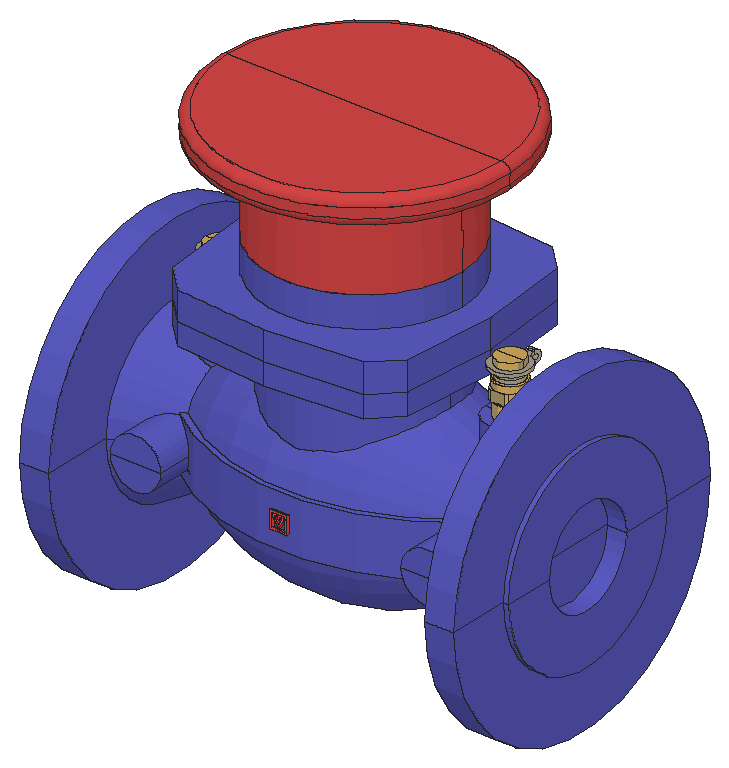
Revit family "HERZ Strömax Балансировочный клапан с измерительными клапанами, шпиндель прямой 4218 GF", category Rohrzubehör, Revit 2020
Family settings
  Bemaßung runder Anschluss = Durchmesser verwenden
  Teiletyp = Unterbricht
  OmniClass-Nummer = 23.65.55.14
  OmniClass-Titel = Valves for Liquid Services
  Arbeitsebenenbasiert = Nein
  Immer vertikal = Ja
  Beim Laden mit Abzugskörper schneiden = Nein
  Gemeinsam genutzt = Nein
Parameters
  Среда = "Допускается использование этилен- и пропиленгликоля в концентрации смеси 25-50% объема.\r\nКачество теплоносителя согласно ÖNORM H 5195 и VDI 2035."
  Область применения = "Для гидравлической балансировки в системах отопления или охлаждения, регулирования и перекрытия трубопроводов, стояков, теплообменников, тепловых и холодильных регистров."
  Номер заказа [instance] = size_lookup("4218_GF_", "Artnr", 0, Nennweite)  # 1421880
  Мин. рабочая температура = -10 °C  # constant formula
  Макс. рабочее давление = 1600000.0 Pa  # constant formula
  Макс. рабочая температура = 110 °C  # constant formula
  Корпус = "чугун GJL 250 по EN 1561"  # constant formula
  Исполнение = "Балансировочный клапан STRÖMAX-GF с измерительными клапанами DN 50 - 300:\r\nПрямой шпиндель, корпус из серого чугуна GJL 250 по EN 1561, фланец согласно EN 1092, PN 16, окрашен в синий цвет.\r\nБукса из серого чугуна GJL 250, с неподнимающимся шпинделем, уплотнение шпинделя с помощью тройного кольцевого уплотнения Цифровой указатель ступеней предварительной настройки."
  Измерение перепада давления = "Балансировочный клапан Strömax GF оборудован двумя измерительными клапанами:\r\nпри использовании соответствующего измерительного прибора можно измерить перепад давления и благодаря этому можно соответственно определить расход в зависимости от степени настройки.\r\nКроме того, с HERZ измерительного компьютера можно непосредственно считывать показания расхода (см. инструкцию).\r\nПри использовании этиленгликоля, как средства от замерзания, меняется плотность теплоносителя, которую обязательно необходимо учитывать при измерениях перепада давления."
  Букса = "чугун GJL 250 по EN 1561"  # constant formula
  kvs-значения [instance] = if(Nennweite = 50.00 mm, 34.96, if(Nennweite = 65.00 mm, 66.94, if(Nennweite = 80.00 mm, 106.78, if(Nennweite = 100.00 mm, 169.45, if(Nennweite = 125.00 mm, 255.79, if(Nennweite = 150.00 mm, 389.54, if(Nennweite = 200.00 mm, 676.33, if(Nennweite = 250.00 mm, 1082.72, if(Nennweite = 300.00 mm, 1784.91, 0)))))))))  # 34.96
  Счетное устройство = "пластмасса"  # constant formula
  W02 = 60.00°  # constant formula
  W01 = 85.00°  # constant formula
  Кегель клапана = "чугун GJL 250 по EN 1561/ EPDM с покрытием"  # constant formula
  Vorgabe-Ansicht = 0.00 mm
  S01 [instance] = Nennweite + 10.00 mm  # 60.00 mm
  Регулировочный шпиндель = "латунь / нержавеющая сталь"  # constant formula
  Шпиндель (DN50 - DN100) = "латунь"  # constant formula
  O-Ring = "EPDM"  # constant formula
  URL = "www.herz-armaturen.ru"
  SCRNSEQ = "ARM;ARM_TYP=\"STRV\";2"
  SCRNCODE = "05;07;02"  # constant formula
  R02 [instance] = size_lookup("4218_GF_", "R2", 1.00 mm, Nennweite)  # 12.50 mm
  R01 [instance] = size_lookup("4218_GF_", "R1", 1.00 mm, Nennweite)  # 13.00 mm
  Шпиндель (DN125 - DN300) = "нержавеющая сталь"  # constant formula
  Nennweite [instance] = 50.00 mm
  L04 [instance] = size_lookup("4218_GF_", "L4", 1.00 mm, Nennweite)  # 75.00 mm
  L03 [instance] = if(Nennweite = 50.00 mm, 48.00 mm, if(Nennweite = 65.00 mm, 52.00 mm, if(Nennweite = 80.00 mm, 60.00 mm, if(Nennweite = 100.00 mm, 75.00 mm, 15.00 mm))))  # 48.00 mm
  L02 [instance] = size_lookup("4218_GF_", "L2", 1.00 mm, Nennweite)  # 75.00 mm
  L01 [instance] = size_lookup("4218_GF_", "L1", 1.00 mm, Nennweite)  # 70.00 mm
  L00 [instance] = size_lookup("4218_GF_", "L", 1.00 mm, Nennweite)  # 230.00 mm
  Hersteller = "HERZ Armaturen Ges.m.b.H."  # constant formula
  H09 [instance] = H08 + H02  # 109.00 mm
  H08 [instance] = size_lookup("4218_GF_", "H8", 1.00 mm, Nennweite)  # 31.00 mm
  H07 [instance] = H02 + H06  # 93.00 mm
  H06 [instance] = size_lookup("4218_GF_", "H6", 1.00 mm, Nennweite)  # 15.00 mm
  H05 [instance] = size_lookup("4218_GF_", "H5", 1.00 mm, Nennweite)  # 51.50 mm
  H04 [instance] = H02 - H03  # 67.00 mm
  H03 [instance] = size_lookup("4218_GF_", "H3", 1.00 mm, Nennweite)  # 11.00 mm
  H02 [instance] = size_lookup("4218_GF_", "H2", 1.00 mm, Nennweite)  # 78.00 mm
  H01 [instance] = size_lookup("4218_GF_", "H1", 1.00 mm, Nennweite)  # 54.00 mm
  GT = 10.00 mm  # constant formula
  FLL02 [instance] = size_lookup("4218_GF_", "FLL2", 1.00 mm, Nennweite)  # 15.00 mm
  FLL01 [instance] = size_lookup("4218_GF_", "FLL1", 1.00 mm, Nennweite)  # 3.00 mm
  FLD03 [instance] = size_lookup("4218_GF_", "FLD3", 1.00 mm, Nennweite)  # 30.20 mm
  FLD02 [instance] = size_lookup("4218_GF_", "FLD2", 1.00 mm, Nennweite)  # 46.00 mm
  FLD01 [instance] = size_lookup("4218_GF_", "FLD1", 1.00 mm, Nennweite)  # 51.00 mm
  FLD00 [instance] = size_lookup("4218_GF_", "FLD", 1.00 mm, Nennweite)  # 82.50 mm
  DN80-DN100 [instance] = or(Nennweite = 80.00 mm, Nennweite = 100.00 mm)  # no
  DN80 [instance] = Nennweite = 80.00 mm  # no
  DN65 [instance] = Nennweite = 65.00 mm  # no
  DN50-DN65 [instance] = or(Nennweite = 50.00 mm, Nennweite = 65.00 mm)  # yes
  DN50-DN100 [instance] = or(Nennweite = 50.00 mm, Nennweite = 65.00 mm, Nennweite = 80.00 mm, Nennweite = 100.00 mm)  # yes
  DN50 [instance] = Nennweite = 50.00 mm  # yes
  DN300 [instance] = Nennweite = 300.00 mm  # no
  DN250 [instance] = Nennweite = 250.00 mm  # no
  DN200-DN300 [instance] = or(Nennweite = 200.00 mm, Nennweite = 250.00 mm, Nennweite = 300.00 mm)  # no
  DN200 [instance] = Nennweite = 200.00 mm  # no
  DN150 [instance] = Nennweite = 150.00 mm  # no
  DN125-DN300 [instance] = or(Nennweite = 125.00 mm, Nennweite = 150.00 mm, Nennweite = 200.00 mm, Nennweite = 250.00 mm, Nennweite = 300.00 mm)  # no
  DN125-DN150 [instance] = or(Nennweite = 125.00 mm, Nennweite = 150.00 mm)  # no
  DN125 [instance] = Nennweite = 125.00 mm  # no
  DN100 [instance] = Nennweite = 100.00 mm  # no
  D03 [instance] = size_lookup("4218_GF_", "D3", 1.00 mm, Nennweite)  # 50.50 mm
  D02 [instance] = size_lookup("4218_GF_", "D2", 1.00 mm, Nennweite)  # 65.00 mm
  D01 [instance] = size_lookup("4218_GF_", "D1", 1.00 mm, Nennweite)  # 44.50 mm
  D00 [instance] = size_lookup("4218_GF_", "D", 1.00 mm, Nennweite)  # 54.00 mm
  BH02 [instance] = -BH01  # -13.50 mm
  BH01 [instance] = size_lookup("4218_GF_", "BH1", 1.00 mm, Nennweite)  # 13.50 mm
  Anschluss [instance] = Nennweite / 2  # 25.00 mm
Reference planes
  plane 1 "Mitte (Vorne/hinten)": y = 0
  plane 2: z = 0
  plane 3 "Mitte (Links/rechts)": x = 0
Forms (mm)
  Revolve 1, solid, material "Herz-Marineblau", detail levels fine
    sketch origin (1058.943, 0, 0) x (1, 0, 0) y (0, 1, 0)
      loop
        line (-1170.943, 82.5) -> (-1170.943, 51) -> (-1173.943, 51) -> (-1173.943, 25) -> (-1163.943, 25) -> (-1163.943, 0) -> (-953.943, 0) -> (-953.943, 25) -> (-943.943, 25) -> (-943.943, 51) -> (-946.943, 51) -> (-946.943, 82.5) -> (-961.943, 82.5) -> (-961.943, 46) -> (-988.943, 30.2)
        arc (-988.943, 30.2) -> (-1058.943, 54) -> (-1128.943, 30.2) r 114.841
        line (-1128.943, 30.2) -> (-1155.943, 46) -> (-1155.943, 82.5) -> (-1170.943, 82.5)
      axis (-1173.943, 0) -> (-943.943, 0)
    angle from 0 to 360
  Revolve 2, solid, material "Herz-Marineblau", detail levels fine
    sketch origin (0, 0, 0) x (1, 0, 0) y (0, 1, 0)
      loop
        line (-75, 54) -> (-88, 54) -> (-88, -54) -> (-75, -54) -> (-75, 54)
      axis (-75, 54) -> (-75, -54)
    angle from 0 to 360
  Revolve 3, solid, material "Herz-Marineblau", detail levels fine
    sketch origin (0, 0, 0) x (-1, 0, 0) y (0, 1, 0)
      loop
        line (-75, 54) -> (-88, 54) -> (-88, -54) -> (-75, -54) -> (-75, 54)
      axis (-75, 54) -> (-75, -54)
    angle from 0 to 360
  Revolve 4, solid, material "Herz-Marineblau", visible <- "DN125-DN300", detail levels fine
    sketch origin (0, 0, 0) x (1, 0, 0) y (0, 0, 1)
      loop
        line (0, 0) -> (0, 78) -> (-65, 78) -> (-65, 67) -> (-44.5, 67) -> (-44.5, 0) -> (0, 0)
      axis (0, 78) -> (0, 0)
    angle from 0 to 360
  Revolve 5, solid, material "Herz-Marineblau", visible <- "DN50-DN100", detail levels fine
    sketch origin (0, 0, 0) x (1, 0, 0) y (0, 0, 1)
      loop
        line (0, 0) -> (0, 67) -> (-44.5, 67) -> (-44.5, 0) -> (0, 0)
      axis (0, 67) -> (0, 0)
    angle from 0 to 360
  Extrusion 6, solid, material "Herz-Marineblau", visible <- "DN50-DN100", detail levels fine
    sketch origin (0, 0, 0) x (1, 0, 0) y (0, 1, 0)
      loop
        line (0, 65) -> (-48, 60.801) -> (-60.801, 48) -> (-65, 0) -> (-60.801, -48) -> (-48, -60.801) -> (0, -65) -> (48, -60.801) -> (60.801, -48) -> (65, 0) -> (60.801, 48) -> (48, 60.801) -> (0, 65)
    from 67 <- "H04" to 78 <- "H02"
  Revolve 7, solid, material "Herz-Marineblau", detail levels fine
    sketch origin (0, 0, 0) x (1, 0, 0) y (0, 0, 1)
      loop
        line (-75, 0) -> (-75, 51.5) -> (-87.5, 51.5) -> (-87.5, 0) -> (-75, 0)
      axis (-75, 51.5) -> (-75, 0)
    angle from 0 to 360
  Revolve 8, solid, material "Herz-Marineblau", detail levels fine
    sketch origin (0, 0, 0) x (-1, 0, 0) y (0, 0, 1)
      loop
        line (-75, 0) -> (-75, 51.5) -> (-87.5, 51.5) -> (-87.5, 0) -> (-75, 0)
      axis (-75, 51.5) -> (-75, 0)
    angle from 0 to 360
  Extrusion 9, solid, material "Herz-Marineblau", visible <- "DN50", detail levels fine
    sketch origin (0, 0, 0) x (1, 0, 0) y (0, 1, 0)
      loop
        line (-75, 27.444) -> (-75, -27.444)
        arc (-75, -27.444) -> (0, -55) -> (75, -27.444) r 115.842
        line (75, -27.444) -> (75, 27.444)
        arc (75, 27.444) -> (0, 55) -> (-75, 27.444) r 115.842
    from -13.5 <- "BH02" to 13.5 <- "BH01"
  Extrusion 10, solid, material "Herz-Marineblau", visible <- "DN65", detail levels fine
    sketch origin (0, 0, 0) x (1, 0, 0) y (0, 1, 0)
      loop
        arc (-89, -45.667) -> (0, -68.022) -> (89, -45.667) r 188.34
        line (89, -45.667) -> (89, 45.667)
        arc (89, 45.667) -> (0, 68.022) -> (-89, 45.667) r 188.34
        line (-89, 45.667) -> (-89, -45.667)
    from -13.5 <- "BH02" to 13.5 <- "BH01"
  Extrusion 11, solid, material "Herz-Marineblau", visible <- "DN80", detail levels fine
    sketch origin (0, 0, 0) x (1, 0, 0) y (0, 1, 0)
      loop
        arc (-100, -48.604) -> (0, -75.01) -> (100, -48.604) r 202.557
        line (100, -48.604) -> (100, 48.604)
        arc (100, 48.604) -> (0, 75.01) -> (-100, 48.604) r 202.557
        line (-100, 48.604) -> (-100, -48.604)
    from -13.5 <- "BH02" to 13.5 <- "BH01"
  Extrusion 12, solid, material "Herz-Marineblau", visible <- "DN100", detail levels fine
    sketch origin (0, 0, 0) x (1, 0, 0) y (0, 1, 0)
      loop
        arc (-118, -60.889) -> (0, -83.721) -> (118, -60.889) r 316.34
        line (118, -60.889) -> (118, 60.889)
        arc (118, 60.889) -> (0, 83.721) -> (-118, 60.889) r 316.34
        line (-118, 60.889) -> (-118, -60.889)
    from -13.5 <- "BH02" to 13.5 <- "BH01"
  Extrusion 13, solid, material "Herz-Marineblau", visible <- "DN125", detail levels fine
    sketch origin (0, 0, 0) x (1, 0, 0) y (0, 1, 0)
      loop
        arc (-140, -75.261) -> (0, -118.541) -> (140, -75.261) r 248.073
        line (140, -75.261) -> (140, 75.261)
        arc (140, 75.261) -> (0, 118.541) -> (-140, 75.261) r 248.073
        line (-140, 75.261) -> (-140, -75.261)
    from -13.5 <- "BH02" to 13.5 <- "BH01"
  Extrusion 14, solid, material "Herz-Marineblau", visible <- "DN150", detail levels fine
    sketch origin (0, 0, 0) x (1, 0, 0) y (0, 1, 0)
      loop
        arc (-170, -94.727) -> (0, -138.5) -> (170, -94.727) r 352.003
        line (170, -94.727) -> (170, 94.727)
        arc (170, 94.727) -> (0, 138.5) -> (-170, 94.727) r 352.003
        line (-170, 94.727) -> (-170, -94.727)
    from -13.5 <- "BH02" to 13.5 <- "BH01"
  Extrusion 15, solid, material "Herz-Marineblau", visible <- "DN200", detail levels fine
    sketch origin (0, 0, 0) x (1, 0, 0) y (0, 1, 0)
      loop
        arc (-200, -127.319) -> (0, -163.032) -> (200, -127.319) r 577.879
        line (200, -127.319) -> (200, 127.319)
        arc (200, 127.319) -> (0, 163.032) -> (-200, 127.319) r 577.879
        line (-200, 127.319) -> (-200, -127.319)
    from -13.5 <- "BH02" to 13.5 <- "BH01"
  Extrusion 16, solid, material "Herz-Marineblau", visible <- "DN250", detail levels fine
    sketch origin (0, 0, 0) x (1, 0, 0) y (0, 1, 0)
      loop
        arc (-250, -153.89) -> (0, -191.531) -> (250, -153.89) r 849.033
        line (250, -153.89) -> (250, 153.89)
        arc (250, 153.89) -> (0, 191.531) -> (-250, 153.89) r 849.033
        line (-250, 153.89) -> (-250, -153.89)
    from -13.5 <- "BH02" to 13.5 <- "BH01"
  Extrusion 17, solid, material "Herz-Marineblau", visible <- "DN300", detail levels fine
    sketch origin (0, 0, 0) x (1, 0, 0) y (0, 1, 0)
      loop
        arc (-300, -192.377) -> (0, -268.099) -> (300, -192.377) r 632.133
        line (300, -192.377) -> (300, 192.377)
        arc (300, 192.377) -> (0, 268.099) -> (-300, 192.377) r 632.133
        line (-300, 192.377) -> (-300, -192.377)
    from -13.5 <- "BH02" to 13.5 <- "BH01"
  Extrusion 18, solid, material "Herz-Marineblau", visible <- "DN50-DN100", detail levels fine
    sketch origin (0, 0, 0) x (1, 0, 0) y (0, 1, 0)
      loop
        line (0, 65) -> (-48, 60.801) -> (-60.801, 48) -> (-65, 0) -> (-60.801, -48) -> (-48, -60.801) -> (0, -65) -> (48, -60.801) -> (60.801, -48) -> (65, 0) -> (60.801, 48) -> (48, 60.801) -> (0, 65)
    from 78 <- "H02" to 93 <- "H07"
  Revolve 19, solid, material "Herz-Marineblau", visible <- "DN125-DN300", detail levels fine
    sketch origin (0, 0, 0) x (1, 0, 0) y (0, 0, 1)
      loop
        line (0, 78) -> (0, 109) -> (-50.5, 109) -> (-50.5, 93) -> (-65, 93) -> (-65, 78) -> (0, 78)
      axis (0, 109) -> (0, 78)
    angle from 0 to 360
  Revolve 20, solid, material "Herz-Marineblau", visible <- "DN50-DN100", detail levels fine
    sketch origin (0, 0, 0) x (1, 0, 0) y (0, 0, 1)
      loop
        line (0, 93) -> (0, 109) -> (-50.5, 109) -> (-50.5, 93) -> (0, 93)
      axis (0, 109) -> (0, 93)
    angle from 0 to 360
Lines and regions (mm)
  model lines, detail levels coarse+medium
    curve 1: line (-115, 0, 82.5) -> (-115, 0, -82.5)
    curve 2: line (-115, 0, -82.5) -> (115, 0, 82.5)
    curve 3: line (115, 0, 82.5) -> (115, 0, -82.5)
    curve 4: line (115, 0, -82.5) -> (-115, 0, 82.5)
    curve 5: line (0, 0, 0) -> (62.931, 0, 109)
    curve 6: line (36.95, 0, 124) -> (88.912, 0, 94)
    curve 7: line (-115, 82.5, 0) -> (-115, -82.5, 0)
    curve 8: line (-115, -82.5, 0) -> (115, 82.5, 0)
    curve 9: line (115, 82.5, 0) -> (115, -82.5, 0)
    curve 10: line (115, -82.5, 0) -> (-115, 82.5, 0)
    curve 11: line (0, 0, 0) -> (62.931, 109, 0)
    curve 12: line (36.95, 124, 0) -> (88.912, 94, 0)
Dimensions and locks
  "FLD00": plane 1 "Mitte (Vorne/hinten)" to Revolve 1 sketch curve
  "FLD01": plane 1 "Mitte (Vorne/hinten)" to Revolve 1 sketch curve
  "FLD02": plane 1 "Mitte (Vorne/hinten)" to Revolve 1 sketch curve  (x2)
  "FLD03": plane 1 "Mitte (Vorne/hinten)" to Revolve 1 sketch curve  (x2)
  "GT": Revolve 1 sketch curve to Revolve 1 sketch curve  (x2)
  "FLL01": Revolve 1 sketch curve to Revolve 1 sketch curve  (x2)
  "FLL02": Revolve 1 sketch curve to Revolve 1 sketch curve  (x2)
  equal spacing: Revolve 1 sketch curve, plane 3 "Mitte (Links/rechts)", Revolve 1 sketch curve
  "Anschluss": Revolve 1 sketch curve to plane 1 "Mitte (Vorne/hinten)"
  "Anschluss": plane 1 "Mitte (Vorne/hinten)" to Revolve 1 sketch curve
  "FLD01": Revolve 1 sketch curve to plane 1 "Mitte (Vorne/hinten)"
  "FLD00": Revolve 1 sketch curve to plane 1 "Mitte (Vorne/hinten)"
  "L00": Revolve 1 sketch curve to Revolve 1 sketch curve
  "D00": plane 1 "Mitte (Vorne/hinten)" to Revolve 1 sketch curve
  "L01": Revolve 1 sketch curve to plane 3 "Mitte (Links/rechts)" to Revolve 1 sketch curve
  "L02": Revolve 2 sketch curve to plane 3 "Mitte (Links/rechts)"
  "R01": Revolve 2 sketch curve to Revolve 2 sketch curve
  "H01": Revolve 2 sketch curve to plane 1 "Mitte (Vorne/hinten)" to Revolve 2 sketch curve
  "L02": plane 3 "Mitte (Links/rechts)" to Revolve 3 sketch curve
  "R01": Revolve 3 sketch curve to Revolve 3 sketch curve
  "H01": Revolve 3 sketch curve to plane 1 "Mitte (Vorne/hinten)" to Revolve 3 sketch curve
  "H02": Revolve 4 sketch curve to plane 2
  "D01": Revolve 4 sketch curve to Revolve 4 sketch curve
  "D02": Revolve 4 sketch curve to Revolve 4 sketch curve
  "H03": Revolve 4 sketch curve to Revolve 4 sketch curve
  "H04": Revolve 5 sketch curve to plane 2
  "D01": Revolve 5 sketch curve to Revolve 5 sketch curve
  "D02": Extrusion 6 sketch curve to plane 3 "Mitte (Links/rechts)" to Extrusion 6 sketch curve
  "D02": Extrusion 6 sketch curve to plane 1 "Mitte (Vorne/hinten)" to Extrusion 6 sketch curve
  "L03": Extrusion 6 sketch curve to plane 3 "Mitte (Links/rechts)"  (x2)
  "L03": plane 3 "Mitte (Links/rechts)" to Extrusion 6 sketch curve  (x2)
  "L03": plane 1 "Mitte (Vorne/hinten)" to Extrusion 6 sketch curve  (x2)
  "L03": Extrusion 6 sketch curve to plane 1 "Mitte (Vorne/hinten)"  (x2)
  "L04": plane 3 "Mitte (Links/rechts)" to Revolve 7 sketch curve
  "R02": Revolve 7 sketch curve to Revolve 7 sketch curve
  "H05": Revolve 7 sketch curve to plane 2
  "R02": Revolve 8 sketch curve to Revolve 8 sketch curve
  "L04": Revolve 8 sketch curve to plane 3 "Mitte (Links/rechts)"
  "H05": Revolve 8 sketch curve to plane 2
  "L04": plane 3 "Mitte (Links/rechts)" to nested 1
  "L04": nested 2 to plane 3 "Mitte (Links/rechts)"
  "H05": nested 1 to plane 2
  "H05": nested 2 to plane 2
  "L03": Extrusion 18 sketch curve to plane 3 "Mitte (Links/rechts)"  (x2)
  "L03": plane 3 "Mitte (Links/rechts)" to Extrusion 18 sketch curve  (x2)
  "L03": plane 1 "Mitte (Vorne/hinten)" to Extrusion 18 sketch curve  (x2)
  "L03": Extrusion 18 sketch curve to plane 1 "Mitte (Vorne/hinten)"  (x2)
  "D02": Extrusion 18 sketch curve to plane 3 "Mitte (Links/rechts)" to Extrusion 18 sketch curve
  "D02": Extrusion 18 sketch curve to plane 1 "Mitte (Vorne/hinten)" to Extrusion 18 sketch curve
  "H02": Revolve 19 sketch curve to plane 2
  "H06": Revolve 19 sketch curve to Revolve 19 sketch curve
  "H08": Revolve 19 sketch curve to Revolve 19 sketch curve
  "D03": Revolve 19 sketch curve to Revolve 19 sketch curve
  "D02": Revolve 19 sketch curve to Revolve 19 sketch curve
  "D03": Revolve 20 sketch curve to Revolve 20 sketch curve
  "H07": Revolve 20 sketch curve to plane 2
  "H08": Revolve 20 sketch curve to Extrusion 18
  "H09": nested 12 to plane 2
  "H09": nested 13 to plane 2
  "H09": nested 14 to plane 2
  "H09": nested 15 to plane 2
  "FLD00": curve 4 to plane 2 to curve 2
  "FLD00": curve 3 to plane 2 to curve 4
  equal spacing: curve 1, plane 3 "Mitte (Links/rechts)", curve 3
  "L00": curve 1 to curve 3
  "H09": curve 5 to plane 2
  equal spacing: curve 1, curve 5, curve 3
  equal spacing: curve 6, curve 5, curve 6
  "S01": curve 6 to curve 6
  "FLD00": curve 8 to plane 1 "Mitte (Vorne/hinten)" to curve 10
  "FLD00": curve 10 to plane 1 "Mitte (Vorne/hinten)" to curve 9
  equal spacing: curve 7, plane 3 "Mitte (Links/rechts)", curve 9
  "L00": curve 7 to curve 9
  equal spacing: curve 7, curve 11, curve 9
  "H09": plane 1 "Mitte (Vorne/hinten)" to curve 11
  equal spacing: curve 12, curve 11, curve 12
  "S01": curve 12 to curve 12
  "W01": angle Extrusion 6 sketch curve to plane 3 "Mitte (Links/rechts)"  (x2)
  "W01": angle plane 3 "Mitte (Links/rechts)" to Extrusion 6 sketch curve  (x2)
  "W01": angle Extrusion 6 sketch curve to plane 1 "Mitte (Vorne/hinten)"  (x2)
  "W01": angle plane 1 "Mitte (Vorne/hinten)" to Extrusion 6 sketch curve  (x2)
  "W01": angle plane 1 "Mitte (Vorne/hinten)" to Extrusion 18 sketch curve  (x2)
  "W01": angle Extrusion 18 sketch curve to plane 1 "Mitte (Vorne/hinten)"  (x2)
  "W01": angle Extrusion 18 sketch curve to plane 3 "Mitte (Links/rechts)"  (x2)
  "W01": angle plane 3 "Mitte (Links/rechts)" to Extrusion 18 sketch curve  (x2)
  "W02": angle plane 2 to curve 5
  "W02": angle plane 1 "Mitte (Vorne/hinten)" to curve 11
  aligned and locked: level to plane 2
Automatic sketch dimensions
  Extrusion 9 sketch curve to plane 3 "Mitte (Links/rechts)" = 0.00 mm  (x2)
  Extrusion 9 sketch curve to plane 1 "Mitte (Vorne/hinten)" = 27.444 mm  (x2)
  Extrusion 9 sketch curve to plane 3 "Mitte (Links/rechts)" = 75.00 mm
  plane 1 "Mitte (Vorne/hinten)" to Extrusion 9 sketch curve = 60.843 mm
  Extrusion 9 sketch curve to plane 1 "Mitte (Vorne/hinten)" = 60.843 mm
  plane 1 "Mitte (Vorne/hinten)" to Extrusion 9 sketch curve = 27.444 mm
  Extrusion 10 sketch curve to plane 3 "Mitte (Links/rechts)" = 0.00 mm  (x2)
  plane 1 "Mitte (Vorne/hinten)" to Extrusion 10 sketch curve = 45.667 mm
  Extrusion 10 sketch curve to plane 3 "Mitte (Links/rechts)" = 89.00 mm
  Extrusion 10 sketch curve to Extrusion 10 sketch curve = 74.651 mm
  Extrusion 10 sketch curve to plane 1 "Mitte (Vorne/hinten)" = 120.318 mm
  Extrusion 10 sketch curve to plane 1 "Mitte (Vorne/hinten)" = 45.667 mm  (x2)
  Extrusion 11 sketch curve to plane 3 "Mitte (Links/rechts)" = 0.00 mm  (x2)
  plane 1 "Mitte (Vorne/hinten)" to Extrusion 11 sketch curve = 48.604 mm  (x2)
  Extrusion 11 sketch curve to plane 3 "Mitte (Links/rechts)" = 100.00 mm
  Extrusion 11 sketch curve to Extrusion 11 sketch curve = 78.943 mm
  Extrusion 11 sketch curve to plane 1 "Mitte (Vorne/hinten)" = 127.547 mm
  Extrusion 11 sketch curve to plane 1 "Mitte (Vorne/hinten)" = 48.604 mm
  Extrusion 12 sketch curve to plane 3 "Mitte (Links/rechts)" = 0.00 mm  (x2)
  Extrusion 12 sketch curve to plane 1 "Mitte (Vorne/hinten)" = 60.889 mm  (x2)
  Extrusion 12 sketch curve to plane 3 "Mitte (Links/rechts)" = 118.00 mm
  plane 1 "Mitte (Vorne/hinten)" to Extrusion 12 sketch curve = 232.619 mm
  Extrusion 12 sketch curve to Extrusion 12 sketch curve = 171.731 mm
  plane 1 "Mitte (Vorne/hinten)" to Extrusion 12 sketch curve = 60.889 mm
  Extrusion 13 sketch curve to plane 3 "Mitte (Links/rechts)" = 0.00 mm  (x2)
  Extrusion 13 sketch curve to plane 1 "Mitte (Vorne/hinten)" = 75.261 mm  (x2)
  Extrusion 13 sketch curve to plane 3 "Mitte (Links/rechts)" = 140.00 mm
  plane 1 "Mitte (Vorne/hinten)" to Extrusion 13 sketch curve = 129.532 mm
  Extrusion 13 sketch curve to plane 1 "Mitte (Vorne/hinten)" = 129.532 mm
  plane 1 "Mitte (Vorne/hinten)" to Extrusion 13 sketch curve = 75.261 mm
  Extrusion 14 sketch curve to plane 3 "Mitte (Links/rechts)" = 0.00 mm  (x2)
  plane 1 "Mitte (Vorne/hinten)" to Extrusion 14 sketch curve = 94.727 mm  (x2)
  Extrusion 14 sketch curve to plane 3 "Mitte (Links/rechts)" = 170.00 mm
  Extrusion 14 sketch curve to Extrusion 14 sketch curve = 118.776 mm
  Extrusion 14 sketch curve to plane 1 "Mitte (Vorne/hinten)" = 213.503 mm
  Extrusion 14 sketch curve to plane 1 "Mitte (Vorne/hinten)" = 94.727 mm
  Extrusion 15 sketch curve to plane 3 "Mitte (Links/rechts)" = 0.00 mm  (x2)
  Extrusion 15 sketch curve to plane 1 "Mitte (Vorne/hinten)" = 127.319 mm  (x2)
  Extrusion 15 sketch curve to plane 3 "Mitte (Links/rechts)" = 200.00 mm
  plane 1 "Mitte (Vorne/hinten)" to Extrusion 15 sketch curve = 414.847 mm
  Extrusion 15 sketch curve to Extrusion 15 sketch curve = 287.528 mm
  plane 1 "Mitte (Vorne/hinten)" to Extrusion 15 sketch curve = 127.319 mm
  Extrusion 16 sketch curve to plane 3 "Mitte (Links/rechts)" = 0.00 mm  (x2)
  Extrusion 16 sketch curve to plane 1 "Mitte (Vorne/hinten)" = 153.89 mm  (x2)
  Extrusion 16 sketch curve to plane 3 "Mitte (Links/rechts)" = 250.00 mm
  plane 1 "Mitte (Vorne/hinten)" to Extrusion 16 sketch curve = 657.503 mm
  Extrusion 16 sketch curve to Extrusion 16 sketch curve = 503.613 mm
  plane 1 "Mitte (Vorne/hinten)" to Extrusion 16 sketch curve = 153.89 mm
  Extrusion 17 sketch curve to plane 3 "Mitte (Links/rechts)" = 0.00 mm  (x2)
  Extrusion 17 sketch curve to plane 1 "Mitte (Vorne/hinten)" = 192.377 mm  (x2)
  Extrusion 17 sketch curve to plane 3 "Mitte (Links/rechts)" = 300.00 mm
  plane 1 "Mitte (Vorne/hinten)" to Extrusion 17 sketch curve = 364.034 mm
  Extrusion 17 sketch curve to Extrusion 17 sketch curve = 171.657 mm
  plane 1 "Mitte (Vorne/hinten)" to Extrusion 17 sketch curve = 192.377 mm
  plane 1 "Mitte (Vorne/hinten)" to Revolve 1 sketch curve = 0.00 mm  (x2)
  Revolve 1 sketch curve to Revolve 1 sketch curve = 35.00 mm
  Revolve 1 sketch curve to Revolve 1 sketch curve = 30.00 mm
  Revolve 2 sketch curve to Revolve 2 sketch curve = 0.00 mm  (x3)
  Revolve 3 sketch curve to Revolve 3 sketch curve = 0.00 mm  (x3)
  Revolve 4 sketch curve to level = 0.00 mm
  Revolve 4 sketch curve to plane 3 "Mitte (Links/rechts)" = 0.00 mm  (x2)
  Revolve 4 sketch curve to Revolve 4 sketch curve = 366.045 mm
  Revolve 4 sketch curve to Revolve 4 sketch curve = 2169.315 mm
  Revolve 5 sketch curve to level = 0.00 mm
  Revolve 5 sketch curve to plane 3 "Mitte (Links/rechts)" = 0.00 mm  (x2)
  Revolve 5 sketch curve to Revolve 5 sketch curve = 366.045 mm
  Revolve 5 sketch curve to Revolve 5 sketch curve = 2147.315 mm
  Extrusion 6 sketch curve to plane 3 "Mitte (Links/rechts)" = 0.00 mm  (x2)
  plane 1 "Mitte (Vorne/hinten)" to Extrusion 6 sketch curve = 0.00 mm  (x2)
  Revolve 7 sketch curve to level = 0.00 mm  (x2)
  Revolve 7 sketch curve to Revolve 7 sketch curve = 0.00 mm  (x2)
  Revolve 8 sketch curve to level = 0.00 mm  (x2)
  Revolve 8 sketch curve to Revolve 8 sketch curve = 0.00 mm  (x2)
  Extrusion 18 sketch curve to plane 3 "Mitte (Links/rechts)" = 0.00 mm  (x2)
  plane 1 "Mitte (Vorne/hinten)" to Extrusion 18 sketch curve = 0.00 mm  (x2)
  Revolve 19 sketch curve to plane 3 "Mitte (Links/rechts)" = 0.00 mm  (x2)
  Revolve 19 sketch curve to level = 366.045 mm
  Revolve 19 sketch curve to Revolve 19 sketch curve = 2105.315 mm
  Revolve 20 sketch curve to plane 3 "Mitte (Links/rechts)" = 0.00 mm  (x2)
  Revolve 20 sketch curve to level = 366.045 mm
  Revolve 20 sketch curve to Revolve 20 sketch curve = 2105.315 mm
Nested families
  nested 1: "Messstutzen_Band_Eintritt_senkrecht_(oben)" at (-75, 0, 42.5), type "Messstutzen_Band_Eintritt_senkrecht_(oben)", detail levels fine
    with Schutzkappe yes, Nennweite 0.00 mm, Gewicht 0.00 kg, Bestellnummer 0
  nested 2: "Messstutzen_Band_Austritt_senkrecht_(oben)" at (75, 0, 42.5), type "Messstutzen_Band_Austritt_senkrecht_(oben)", detail levels fine
    with Schutzkappe yes, Nennweite 0.00 mm, Gewicht 0.00 kg, Bestellnummer 0
  nested 3: "Herz-Logo-vorne" at (0, -55, 0) x (0, 1, 0) z (0, 0, 1), visible <- "DN50", type "Herz-Logo-vorne", detail levels fine
  nested 4: "Herz-Logo-vorne" at (0, -68.004, 0) x (0, 1, 0) z (0, 0, 1), visible <- "DN65", type "Herz-Logo-vorne", detail levels fine
  nested 5: "Herz-Logo-vorne" at (0, -74.992, 0) x (0, 1, 0) z (0, 0, 1), visible <- "DN80", type "Herz-Logo-vorne", detail levels fine
  nested 6: "Herz-Logo-vorne" at (0, -83.721, 0) x (0, 1, 0) z (0, 0, 1), visible <- "DN100", type "Herz-Logo-vorne", detail levels fine
  nested 7: "Herz-Logo-vorne" at (0, -118.541, 0) x (0, 1, 0) z (0, 0, 1), visible <- "DN125", type "Herz-Logo-vorne", detail levels fine
  nested 8: "Herz-Logo-vorne" at (0, -138.5, 0) x (0, 1, 0) z (0, 0, 1), visible <- "DN150", type "Herz-Logo-vorne", detail levels fine
  nested 9: "Herz-Logo-vorne" at (0, -163.032, 0) x (0, 1, 0) z (0, 0, 1), visible <- "DN200", type "Herz-Logo-vorne", detail levels fine
  nested 10: "Herz-Logo-vorne" at (0, -191.513, 0) x (0, 1, 0) z (0, 0, 1), visible <- "DN250", type "Herz-Logo-vorne", detail levels fine
  nested 11: "Herz-Logo-vorne" at (0, -268.082, 0) x (0, 1, 0) z (0, 0, 1), visible <- "DN300", type "Herz-Logo-vorne", detail levels fine
  nested 12: "Strangregulierventil-Handrad_VOLL-Gerade (Rot) DN50-DN65" at (0, 0, 109), visible <- "DN50-DN65", type "Strangregulierventil-Handrad_VOLL-Gerade (Rot) DN50-DN65", detail levels fine
  nested 13: "Strangregulierventil-Handrad_VOLL-Gerade (Rot) DN80-DN100" at (0, 0, 109), visible <- "DN80-DN100", type "Strangregulierventil-Handrad_VOLL-Gerade (Rot) DN80-DN100", detail levels fine
  nested 14: "Strangregulierventil-Handrad_VOLL-Gerade (Rot) DN125-DN150" at (0, 0, 109), visible <- "DN125-DN150", type "Strangregulierventil-Handrad_VOLL-Gerade (Rot) DN125-DN150", detail levels fine
  nested 15: "Strangregulierventil-Handrad_VOLL-Gerade (Rot) DN200-DN300" at (0, 0, 109), visible <- "DN200-DN300", type "Strangregulierventil-Handrad_VOLL-Gerade (Rot) DN200-DN300", detail levels fine
    with DN300 yes
Connectors
  piping at (-115, 0, 0), diameter 50, driven by "Nennweite"
    settings: on Revolve 1, index 1, connector inside diameter 609.6 mm, connector length 0.00 mm, flow factor 0, pipe flow 0.0 L/s, pressure drop 0.0 Pa, fitting loss kfactor 0, connector angle 0.00°, fixture units 0, engagement length 0.00 mm, angle of deflection 0.00°, flow configuration 0, flow direction 1, fitting loss method 0, system type 29, joint type 0, gender type 0, connector reference index -1, connector utility 0, adjustable connector no, is connector primary yes, connector description ""
  piping at (115, 0, 0), diameter 50, driven by "Nennweite"
    settings: on Revolve 1, index 2, connector inside diameter 609.6 mm, connector length 0.00 mm, flow factor 0, pipe flow 0.0 L/s, pressure drop 0.0 Pa, fitting loss kfactor 0, connector angle 0.00°, fixture units 0, engagement length 0.00 mm, angle of deflection 0.00°, flow configuration 0, flow direction 2, fitting loss method 0, system type 29, joint type 0, gender type 0, connector reference index -1, connector utility 0, adjustable connector no, is connector primary no, connector description ""
Definition of nested family "Messstutzen_Band_Eintritt_senkrecht_(oben)"
  Parameters (values of type "Messstutzen_Band_Eintritt_senkrecht_(oben)")
    Default Elevation = 0.00 mm
    URL = "www.herz-armaturen.at"
    Schutzkappe [instance] = yes
    Nennweite [instance] = 0.00 mm
    Manufacturer = "Herz Armaturen GmbH"  # constant formula
    Gewicht [instance] = 0.00 kg
    Bestellnummer [instance] = 0
  Reference planes
    plane 1 "Mitte (Vorne/hinten)": y = 0
    plane 2: z = 0
    plane 3 "Mitte (Links/rechts)": x = 0
    plane 4 "Schlaufe 1": z = -27
    plane 5 "Schlaufe 2": z = -31.678
  Forms (mm)
    Revolve 1, solid, detail levels fine
      sketch origin (0, 0, 0) x (1, 0, 0) y (0, 0, 1)
        loop
          line (-7.4, 9) -> (-5.55, 9) -> (-5.55, 6)
          arc (-5.55, 6) -> (-5.626, 5.617) -> (-5.843, 5.293) r 1
          line (-5.843, 5.293) -> (-6.455, 4.681) -> (-6.455, 0.9) -> (-5.555, 0) -> (-2, 0) -> (-2, 17.5) -> (-8.4, 17.5)
          arc (-8.4, 17.5) -> (-7.693, 17.207) -> (-7.4, 16.5) r 1
          line (-7.4, 16.5) -> (-7.4, 9)
        loop
          line (-3.7, 27) -> (-7.3, 27) -> (-7.9, 26.4) -> (-7.9, 23) -> (-2, 23) -> (-2, 35.8) -> (-3.805, 35.8) -> (-4.415, 35.19) -> (-4.415, 30.863) -> (-3.7, 30.45) -> (-3.7, 27)
        axis (0, 0) -> (0, 35.8)
      angle from 0 to 360
    Extrusion 2, solid, detail levels fine
      sketch origin (0, 0, 17.5) x (0, 1, 0) y (-1, 0, 0)
        loop
          arc (-7.07, 5.156) -> (-7.578, 4.375) -> (-8, 3.544) r 8.75
          line (-8, 3.544) -> (-8, -3.544)
          arc (-8, -3.544) -> (-7.578, -4.375) -> (-7.07, -5.156) r 8.75
          line (-7.07, -5.156) -> (-0.93, -8.7)
          arc (-0.93, -8.7) -> (0, -8.75) -> (0.93, -8.7) r 8.75
          line (0.93, -8.7) -> (7.07, -5.156)
          arc (7.07, -5.156) -> (7.578, -4.375) -> (8, -3.544) r 8.75
          line (8, -3.544) -> (8, 3.544)
          arc (8, 3.544) -> (7.578, 4.375) -> (7.07, 5.156) r 8.75
          line (7.07, 5.156) -> (0.93, 8.7)
          arc (0.93, 8.7) -> (0, 8.75) -> (-0.93, 8.7) r 8.75
          line (-0.93, 8.7) -> (-7.07, 5.156)
      from 0 to 5.5
    Revolve 3, solid, visible <- "Schutzkappe", detail levels fine
      sketch origin (0, 0, 0) x (1, 0, 0) y (0, 0, 1)
        loop
          line (0, 35.878) -> (0, 36.678) -> (-7, 36.678) -> (-7, 33.378) -> (-6.1, 33.378) -> (-6.1, 31.678) -> (-6.9, 31.678) -> (-6.9, 30.178) -> (-4.415, 30.178) -> (-4.415, 35.268) -> (-3.805, 35.878) -> (0, 35.878)
        axis (0, 30.178) -> (0, 36.678)
      angle from 0 to 360
    Extrusion 4, solid, detail levels fine
      sketch origin (0, 0, 28.5) x (1, 0, 0) y (0, 1, 0)
        loop
          circle (0, 0) r 3.7
        loop
          arc (-3.906, 5.505) -> (0, -6.75) -> (3.906, 5.505) r 6.75
          arc (3.906, 5.505) -> (2.358, 7.288) -> (1.8, 9.582) r 5
          line (1.8, 9.582) -> (-1.8, 9.582)
          arc (-1.8, 9.582) -> (-2.358, 7.288) -> (-3.906, 5.505) r 5
      from 0 to -1.5
    Extrusion 5, solid, detail levels fine
      sketch origin (0, 0, 33.178) x (1, 0, 0) y (0, 1, 0)
        loop
          circle (0, 0) r 6.1
        loop
          arc (-4.495, 8.652) -> (0, -9.75) -> (4.495, 8.652) r 9.75
          arc (4.495, 8.652) -> (2.527, 10.493) -> (1.8, 13.089) r 5
          line (1.8, 13.089) -> (-1.8, 13.089)
          arc (-1.8, 13.089) -> (-2.527, 10.493) -> (-4.495, 8.652) r 5
      from 0 to -1.5
    Sweep 6, solid, detail levels fine
      path origin (0, 0, 0) x (0, 0, -1) y (0, -1, 0)
        loop
          line (-27.75, -9.582) -> (-27.75, -14.522)
          arc (-27.75, -14.522) -> (-30.089, -16.862) -> (-32.428, -14.522) r 2.339
          line (-32.428, -14.522) -> (-32.428, -13.089)
      profile origin (0, 12.052, 27.75) x (0, 0, 1) y (1, 0, 0)
        loop
          line (-0.75, -1.8) -> (0.75, -1.8) -> (0.75, 1.8) -> (-0.75, 1.8) -> (-0.75, -1.8)
  Dimensions and locks
    aligned and locked: level to plane 2
Definition of nested family "Messstutzen_Band_Austritt_senkrecht_(oben)"
  Parameters (values of type "Messstutzen_Band_Austritt_senkrecht_(oben)")
    Default Elevation = 0.00 mm
    URL = "www.herz-armaturen.at"
    Schutzkappe [instance] = yes
    Nennweite [instance] = 0.00 mm
    Manufacturer = "Herz Armaturen GmbH"  # constant formula
    Gewicht [instance] = 0.00 kg
    Bestellnummer [instance] = 0
  Reference planes
    plane 1 "Mitte (Vorne/hinten)": y = 0
    plane 2: z = 0
    plane 3 "Mitte (Links/rechts)": x = 0
    plane 4 "Schlaufe 1": z = -27
    plane 5 "Schlaufe 2": z = -31.678
  Forms (mm)
    Revolve 1, solid, detail levels fine
      sketch origin (0, 0, 0) x (1, 0, 0) y (0, 0, 1)
        loop
          line (-7.4, 9) -> (-5.55, 9) -> (-5.55, 6)
          arc (-5.55, 6) -> (-5.626, 5.617) -> (-5.843, 5.293) r 1
          line (-5.843, 5.293) -> (-6.455, 4.681) -> (-6.455, 0.9) -> (-5.555, 0) -> (-2, 0) -> (-2, 17.5) -> (-8.4, 17.5)
          arc (-8.4, 17.5) -> (-7.693, 17.207) -> (-7.4, 16.5) r 1
          line (-7.4, 16.5) -> (-7.4, 9)
        loop
          line (-3.7, 27) -> (-7.3, 27) -> (-7.9, 26.4) -> (-7.9, 23) -> (-2, 23) -> (-2, 35.8) -> (-3.805, 35.8) -> (-4.415, 35.19) -> (-4.415, 30.863) -> (-3.7, 30.45) -> (-3.7, 27)
        axis (0, 0) -> (0, 35.8)
      angle from 0 to 360
    Extrusion 2, solid, detail levels fine
      sketch origin (0, 0, 17.5) x (0, 1, 0) y (-1, 0, 0)
        loop
          arc (-7.07, 5.156) -> (-7.578, 4.375) -> (-8, 3.544) r 8.75
          line (-8, 3.544) -> (-8, -3.544)
          arc (-8, -3.544) -> (-7.578, -4.375) -> (-7.07, -5.156) r 8.75
          line (-7.07, -5.156) -> (-0.93, -8.7)
          arc (-0.93, -8.7) -> (0, -8.75) -> (0.93, -8.7) r 8.75
          line (0.93, -8.7) -> (7.07, -5.156)
          arc (7.07, -5.156) -> (7.578, -4.375) -> (8, -3.544) r 8.75
          line (8, -3.544) -> (8, 3.544)
          arc (8, 3.544) -> (7.578, 4.375) -> (7.07, 5.156) r 8.75
          line (7.07, 5.156) -> (0.93, 8.7)
          arc (0.93, 8.7) -> (0, 8.75) -> (-0.93, 8.7) r 8.75
          line (-0.93, 8.7) -> (-7.07, 5.156)
      from 0 to 5.5
    Revolve 3, solid, visible <- "Schutzkappe", detail levels fine
      sketch origin (0, 0, 0) x (1, 0, 0) y (0, 0, 1)
        loop
          line (0, 35.878) -> (0, 36.678) -> (-7, 36.678) -> (-7, 33.378) -> (-6.1, 33.378) -> (-6.1, 31.678) -> (-6.9, 31.678) -> (-6.9, 30.178) -> (-4.415, 30.178) -> (-4.415, 35.268) -> (-3.805, 35.878) -> (0, 35.878)
        axis (0, 30.178) -> (0, 36.678)
      angle from 0 to 360
    Extrusion 4, solid, detail levels fine
      sketch origin (0, 0, 28.5) x (1, 0, 0) y (0, 1, 0)
        loop
          circle (0, 0) r 3.7
        loop
          arc (-3.906, 5.505) -> (0, -6.75) -> (3.906, 5.505) r 6.75
          arc (3.906, 5.505) -> (2.358, 7.288) -> (1.8, 9.582) r 5
          line (1.8, 9.582) -> (-1.8, 9.582)
          arc (-1.8, 9.582) -> (-2.358, 7.288) -> (-3.906, 5.505) r 5
      from 0 to -1.5
    Extrusion 5, solid, detail levels fine
      sketch origin (0, 0, 33.178) x (1, 0, 0) y (0, 1, 0)
        loop
          circle (0, 0) r 6.1
        loop
          arc (-4.495, 8.652) -> (0, -9.75) -> (4.495, 8.652) r 9.75
          arc (4.495, 8.652) -> (2.527, 10.493) -> (1.8, 13.089) r 5
          line (1.8, 13.089) -> (-1.8, 13.089)
          arc (-1.8, 13.089) -> (-2.527, 10.493) -> (-4.495, 8.652) r 5
      from 0 to -1.5
    Sweep 6, solid, detail levels fine
      path origin (0, 0, 0) x (0, 0, -1) y (0, -1, 0)
        loop
          line (-27.75, -9.582) -> (-27.75, -14.522)
          arc (-27.75, -14.522) -> (-30.089, -16.862) -> (-32.428, -14.522) r 2.339
          line (-32.428, -14.522) -> (-32.428, -13.089)
      profile origin (0, 12.052, 27.75) x (0, 0, 1) y (1, 0, 0)
        loop
          line (-0.75, -1.8) -> (0.75, -1.8) -> (0.75, 1.8) -> (-0.75, 1.8) -> (-0.75, -1.8)
  Dimensions and locks
    aligned and locked: level to plane 2
Definition of nested family "Herz-Logo-vorne"
  Parameters (values of type "Herz-Logo-vorne")
    Default Elevation = 0.00 mm
  Reference planes
    plane 1 "Mitte (Vorne/hinten)": y = 0
    plane 2: z = 0
    plane 3 "Mitte (Links/rechts)": x = 0
  Forms (mm)
    Extrusion 1, solid
      sketch origin (0.732, -0.018, 0.017) x (0, -1, 0) y (0, 0, 1)
        loop
          line (-0.018, -4.517) -> (4.482, -4.517) -> (4.482, 4.483) -> (-4.518, 4.483) -> (-4.518, -4.517) -> (-0.018, -4.517)
        loop
          line (-0.05, -3.48) -> (3.482, -3.48) -> (3.482, 3.483) -> (-3.518, 3.483) -> (-3.518, -3.48) -> (-0.05, -3.48)
        loop
          arc (-0.018, 2.383) -> (-1.543, 3.287) -> (-3.067, 2.383) r 1.738
          arc (-3.067, 2.383) -> (-3.191, 1.899) -> (-3.067, 1.415) r 1.009
          line (-3.067, 1.415) -> (-0.018, -3.281) -> (3.032, 1.415)
          arc (3.032, 1.415) -> (3.156, 1.899) -> (3.032, 2.383) r 1.009
          arc (3.032, 2.383) -> (1.507, 3.287) -> (-0.018, 2.383) r 1.738
        loop
          arc (1.885, 1.272) -> (2.005, 1.675) -> (1.885, 2.079) r 0.74
          arc (1.885, 2.079) -> (1.265, 2.416) -> (0.644, 2.079) r 0.74
          line (0.644, 2.079) -> (-0.018, 0.97) -> (-0.679, 2.079)
          arc (-0.679, 2.079) -> (-1.3, 2.416) -> (-1.921, 2.079) r 0.74
          arc (-1.921, 2.079) -> (-2.04, 1.675) -> (-1.921, 1.272) r 0.74
          line (-1.921, 1.272) -> (-0.018, -1.658) -> (1.885, 1.272)
      from 0 to 1.5
  Dimensions and locks
    aligned and locked: level to plane 2
Definition of nested family "Strangregulierventil-Handrad_VOLL-Gerade (Rot) DN50-DN65"
  Parameters (values of type "Strangregulierventil-Handrad_VOLL-Gerade (Rot) DN50-DN65")
    Default Elevation = 0.00 mm
  Reference planes
    plane 1 "Mitte (Vorne/hinten)": y = 0
    plane 2: z = 0
    plane 3 "Mitte (Links/rechts)": x = 0
  Forms (mm)
    Revolve 1, solid, detail levels fine
      sketch origin (0, 0, 0) x (1, 0, 0) y (0, 0, 1)
        loop
          line (0, 0) -> (0, 58.3) -> (-70.5, 58.3)
          arc (-70.5, 58.3) -> (-73.682, 56.982) -> (-75, 53.8) r 4.5
          line (-75, 53.8) -> (-75, 48.8)
          arc (-75, 48.8) -> (-73.682, 45.618) -> (-70.5, 44.3) r 4.5
          line (-70.5, 44.3) -> (-65.5, 44.3)
          arc (-65.5, 44.3) -> (-62.318, 45.618) -> (-61, 48.8) r 4.5
          line (-61, 48.8) -> (-61, 51.3) -> (-49.831, 51.3) -> (-49.831, 38.3) -> (-50.5, 0) -> (0, 0)
        axis (0, 58.3) -> (0, 0)
      angle from 0 to 360
  Dimensions and locks
    aligned and locked: level to plane 2
Definition of nested family "Strangregulierventil-Handrad_VOLL-Gerade (Rot) DN80-DN100"
  Parameters (values of type "Strangregulierventil-Handrad_VOLL-Gerade (Rot) DN80-DN100")
    Default Elevation = 0.00 mm
  Reference planes
    plane 1 "Mitte (Vorne/hinten)": y = 0
    plane 2: z = 0
    plane 3 "Mitte (Links/rechts)": x = 0
  Forms (mm)
    Revolve 1, solid, detail levels fine
      sketch origin (0, 0, 0) x (1, 0, 0) y (0, 0, 1)
        loop
          line (0, 0) -> (0, 61.3) -> (-83, 61.3)
          arc (-83, 61.3) -> (-86.182, 59.982) -> (-87.5, 56.8) r 4.5
          line (-87.5, 56.8) -> (-87.5, 51.8)
          arc (-87.5, 51.8) -> (-86.182, 48.618) -> (-83, 47.3) r 4.5
          line (-83, 47.3) -> (-78, 47.3)
          arc (-78, 47.3) -> (-74.818, 48.618) -> (-73.5, 51.8) r 4.5
          line (-73.5, 51.8) -> (-73.5, 54.3) -> (-49.831, 54.3) -> (-49.831, 38.3) -> (-50.5, 0) -> (0, 0)
        axis (0, 61.3) -> (0, 0)
      angle from 0 to 360
    Extrusion 2, void
      sketch origin (0, 0, 0) x (1, 0, 0) y (0, 1, 0)
        loop
          arc (-9, 72.947) -> (-63.653, 36.75) -> (-67.674, -28.679) r 73.5
          line (-67.674, -28.679) -> (-47.534, -17.052)
          arc (-47.534, -17.052) -> (-43.734, 25.25) -> (-9, 49.692) r 50.5
          line (-9, 49.692) -> (-9, 72.947)
        loop
          line (9, 72.947) -> (9, 49.692)
          arc (9, 49.692) -> (43.734, 25.25) -> (47.534, -17.052) r 50.5
          line (47.534, -17.052) -> (67.674, -28.679)
          arc (67.674, -28.679) -> (63.653, 36.75) -> (9, 72.947) r 73.5
        loop
          arc (-58.674, -44.268) -> (0, -73.5) -> (58.674, -44.268) r 73.5
          line (58.674, -44.268) -> (38.534, -32.64)
          arc (38.534, -32.64) -> (0, -50.5) -> (-38.534, -32.64) r 50.5
          line (-38.534, -32.64) -> (-58.674, -44.268)
      from 30 to 62
  Cuts and joins
    Extrusion 2 cuts Revolve 1
  Dimensions and locks
    Revolve 1 sketch curve to plane 2 = 61.30 mm
    aligned and locked: level to plane 2
Definition of nested family "Strangregulierventil-Handrad_VOLL-Gerade (Rot) DN125-DN150"
  Parameters (values of type "Strangregulierventil-Handrad_VOLL-Gerade (Rot) DN125-DN150")
    Default Elevation = 0.00 mm
  Reference planes
    plane 1 "Mitte (Vorne/hinten)": y = 0
    plane 2: z = 0
    plane 3 "Mitte (Links/rechts)": x = 0
  Forms (mm)
    Revolve 1, solid, detail levels fine
      sketch origin (0, 0, 0) x (1, 0, 0) y (0, 0, 1)
        loop
          line (0, 0) -> (0, 61.3) -> (-128, 61.3)
          arc (-128, 61.3) -> (-131.182, 59.982) -> (-132.5, 56.8) r 4.5
          line (-132.5, 56.8) -> (-132.5, 50.8)
          arc (-132.5, 50.8) -> (-131.182, 47.618) -> (-128, 46.3) r 4.5
          line (-128, 46.3) -> (-122, 46.3)
          arc (-122, 46.3) -> (-118.818, 47.618) -> (-117.5, 50.8) r 4.5
          line (-117.5, 50.8) -> (-117.5, 54.3) -> (-49.831, 54.3) -> (-49.831, 38.3) -> (-50.5, 0) -> (0, 0)
        axis (0, 61.3) -> (0, 0)
      angle from 0 to 360
    Extrusion 2, void
      sketch origin (0, 0, 0) x (1, 0, 0) y (0, 1, 0)
        loop
          arc (10, 49.5) -> (43.734, 25.25) -> (47.868, -16.09) r 50.5
          line (47.868, -16.09) -> (106.389, -49.877)
          arc (106.389, -49.877) -> (101.758, 58.75) -> (10, 117.074) r 117.5
          line (10, 117.074) -> (10, 49.5)
        loop
          line (-10, 49.5) -> (-10, 117.074)
          arc (-10, 117.074) -> (-101.758, 58.75) -> (-106.389, -49.877) r 117.5
          line (-106.389, -49.877) -> (-47.868, -16.09)
          arc (-47.868, -16.09) -> (-43.734, 25.25) -> (-10, 49.5) r 50.5
        loop
          line (-37.868, -33.41) -> (-96.389, -67.197)
          arc (-96.389, -67.197) -> (0, -117.5) -> (96.389, -67.197) r 117.5
          line (96.389, -67.197) -> (37.868, -33.41)
          arc (37.868, -33.41) -> (0, -50.5) -> (-37.868, -33.41) r 50.5
      from 30 to 65
  Cuts and joins
    Extrusion 2 cuts Revolve 1
  Dimensions and locks
    Revolve 1 sketch curve to plane 2 = 61.30 mm
    Revolve 1 sketch curve to Revolve 1 sketch curve = 15.00 mm  (x2)
    Revolve 1 sketch curve to Revolve 1 sketch curve = 132.50 mm
    aligned and locked: level to plane 2
Definition of nested family "Strangregulierventil-Handrad_VOLL-Gerade (Rot) DN200-DN300"
  Parameters (values of type "Strangregulierventil-Handrad_VOLL-Gerade (Rot) DN200-DN300")
    Default Elevation = 0.00 mm
    DN300 [instance] = yes
  Reference planes
    plane 1 "Mitte (Vorne/hinten)": y = 0
    plane 2: z = 0
    plane 3 "Mitte (Links/rechts)": x = 0
  Forms (mm)
    Revolve 1, solid, detail levels fine
      sketch origin (0, 0, 0) x (1, 0, 0) y (0, 0, 1)
        loop
          line (0, 0) -> (0, 56) -> (-75, 56) -> (-75, 0) -> (0, 0)
        loop
          line (-225, 103) -> (-225, 87) -> (-189, 87) -> (-189, 103)
          arc (-189, 103) -> (-207, 121) -> (-225, 103) r 18
        axis (0, 103) -> (0, 0)
      angle from 0 to 360
    Revolve 2, solid, detail levels fine
      sketch origin (0, 0, 0) x (1, 0, 0) y (0, 0, 1)
        loop
          line (4.685, 43.097) -> (199.688, 96.124) -> (196.539, 107.704) -> (1.536, 54.677) -> (4.685, 43.097)
        axis (4.685, 43.097) -> (199.688, 96.124)
      angle from 0 to 360
    Revolve 3, solid, detail levels fine
      sketch origin (0, 0, 0) x (0.309017, -0.951057, 0) y (0, 0, -1)
        loop
          line (4.685, -43.097) -> (1.536, -54.677) -> (196.539, -107.704) -> (199.688, -96.124) -> (4.685, -43.097)
        axis (4.685, -43.097) -> (199.688, -96.124)
      angle from 0 to 360
    Revolve 4, solid, detail levels fine
      sketch origin (0, 0, 0) x (-0.809017, -0.587785, 0) y (0, 0, 1)
        loop
          line (4.685, 43.097) -> (199.688, 96.124) -> (196.539, 107.704) -> (1.536, 54.677) -> (4.685, 43.097)
        axis (4.685, 43.097) -> (199.688, 96.124)
      angle from 0 to 360
    Revolve 5, solid, detail levels fine
      sketch origin (0, 0, 0) x (-0.809017, 0.587785, 0) y (0, 0, -1)
        loop
          line (4.685, -43.097) -> (1.536, -54.677) -> (196.539, -107.704) -> (199.688, -96.124) -> (4.685, -43.097)
        axis (4.685, -43.097) -> (199.688, -96.124)
      angle from 0 to 360
    Revolve 6, solid, detail levels fine
      sketch origin (0, 0, 0) x (0.309017, 0.951057, 0) y (0, 0, 1)
        loop
          line (4.685, 43.097) -> (199.688, 96.124) -> (196.539, 107.704) -> (1.536, 54.677) -> (4.685, 43.097)
        axis (4.685, 43.097) -> (199.688, 96.124)
      angle from 0 to 360
  Dimensions and locks
    Revolve 1 sketch curve to plane 2 = 121.00 mm
    Revolve 1 sketch curve to Revolve 1 sketch curve = 56.00 mm
    aligned and locked: level to plane 2
